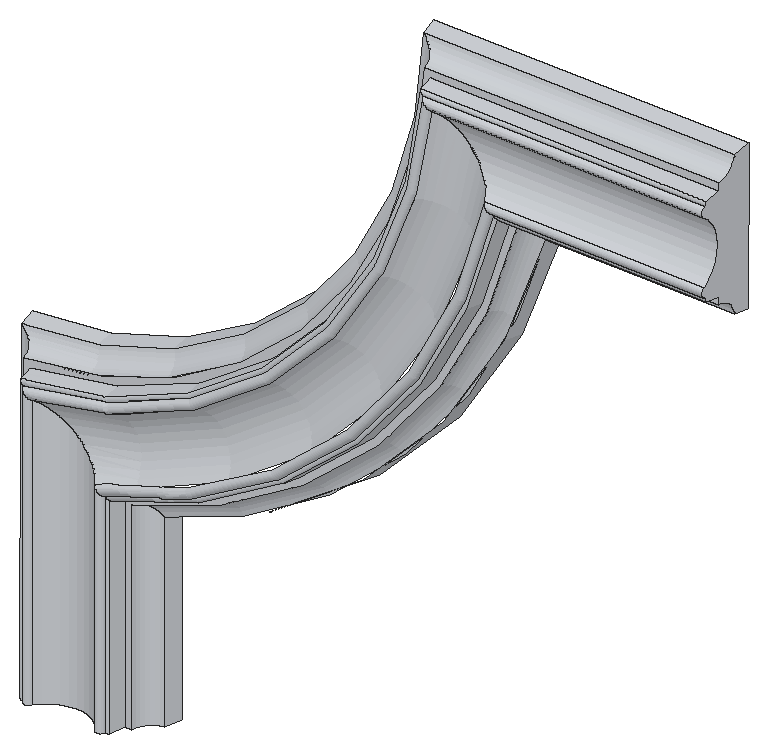
Revit family "OracDecor_P101A", category Обобщенные модели, Revit 2019
Family settings
  Может служить основой для арматурных стержней = Нет
  Размер круглого соединителя = Использовать диаметр
  Тип детали = Нормальный
  На основе рабочей плоскости = Нет
  Всегда вертикально = Да
  При загрузке вырезать с полостями = Нет
  Общий = Нет
  Точка расчета площади = Нет
Parameters
  Изготовитель = "Family from POCHERTEAM"  # constant formula
  URL = "t.me/pocherteam"
Reference planes
  plane 1 "По центру (Вперед/Назад)": y = 0
  plane 2: z = 0
  plane 3 "По центру (Влево/Вправо)": x = 0
Forms (mm)
  Sweep 1, solid
    path origin (0, 0, 0) x (1, 0, 0) y (0, 0, 1)
      loop
        line (0, 0) -> (0, 107.54)
        arc (0, 107.54) -> (97.159, 147.785) -> (137.404, 244.945) r 137.404
        line (137.404, 244.945) -> (244.944, 244.945)
    profile origin (0, 0, 53.77) x (-1, 0, 0) y (0, -1, 0)
      loop
        line (0, 0) -> (-1.042, 5.909)
        arc (-1.042, 5.909) -> (-5.105, 8.174) -> (-6.816, 12.5) r 6.917
        line (-6.816, 12.5) -> (-9.234, 12.5) -> (-9.996, 17.916)
        arc (-9.996, 17.916) -> (-10.7, 18.299) -> (-11.494, 18.184) r 1.272
        arc (-11.494, 18.184) -> (-12.869, 19.806) -> (-14.694, 18.714) r 1.644
        arc (-14.694, 18.714) -> (-25.4, 13.059) -> (-36.106, 18.714) r 12.964
        arc (-36.106, 18.714) -> (-37.931, 19.806) -> (-39.306, 18.184) r 1.644
        arc (-39.306, 18.184) -> (-40.1, 18.299) -> (-40.804, 17.916) r 1.272
        line (-40.804, 17.916) -> (-41.566, 12.5) -> (-43.984, 12.5)
        arc (-43.984, 12.5) -> (-45.695, 8.174) -> (-49.758, 5.909) r 6.917
        line (-49.758, 5.909) -> (-50.8, 0) -> (0, 0)
Dimensions and locks
  Sweep 1 to level = 244.945 mm
  Sweep 1 to plane 3 "По центру (Влево/Вправо)" = 244.944 mm
  Sweep 1 to Sweep 1 = 50.8 mm
  aligned and locked: level to plane 2
